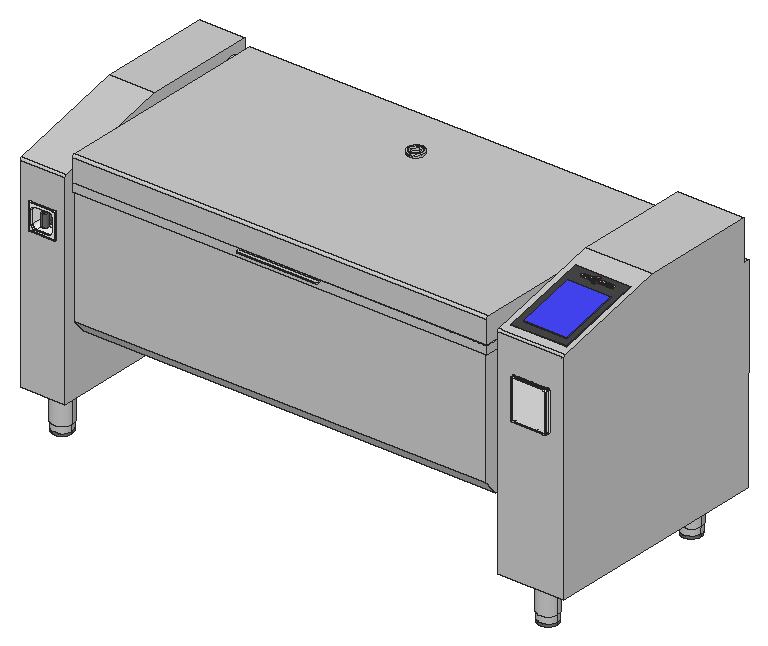
Revit family "QF_WELBILT-CONVOTHERM_FLEXX_PRO_251_260211052806", category Specialty Equipment, Revit 2021
Family settings
  Round Connector Dimension = Use Diameter
  Part Type = Normal
  OmniClass Number = 23.40.40.14
  OmniClass Title = Food Service Equipment
  Work Plane-Based = No
  Always vertical = Yes
  Cut with Voids When Loaded = No
  Shared = No
  Room Calculation Point = No
Parameters (values of type "JI-MKH-013")
  Weight [instance] = 495.00 kg
  Waste Water Discharge Temperature [instance] = 0 °C
  Waste Remarks [instance] = ""
  Warranty Start Date [instance] = ""
  Warranty Duration [instance] = ""
  Volts [instance] = 400 V
  Volt Free Conn [instance] = no
  URL Recommended Spares List [instance] = ""
  URL Manufacturer [instance] = ""
  URL Cutsheet [instance] = ""
  URL Critical Spares List [instance] = ""
  URL = "www.convotherm.com"
  Technical Documentation [instance] = ""
  Tag Number [instance] = ""
  Status [instance] = ""
  Start Up Current [instance] = 0 A
  Specification by User [instance] = ""
  Specification by Manufacturer [instance] = ""
  Sound Level [instance] = ""
  Show Logo [instance] = yes
  Show Clearances [instance] = yes
  Service Life Duration [instance] = ""
  Serial Number [instance] = ""
  Seismic Rating [instance] = ""
  SMACNA No [instance] = ""
  Revision Code [instance] = ""
  Revision [instance] = ""
  Production Year [instance] = ""
  Potential Equalisation [instance] = no
  Point Load [instance] = 0
  Plumbing Remarks [instance] = ""
  Plumbing Connection Type [instance] = ""
  Phase [instance] = 3
  Other Equipment Approvals [instance] = ""
  Operational Current [instance] = 0 A
  Odor Trap Included [instance] = no
  Number of Poles [instance] = 3
  No Load Power Draw [instance] = no
  National Water Regulation Certification [instance] = no
  NAFEM Spec ID Number [instance] = ""
  Model Warning [instance] = ""
  Model = "FLEXX PRO 251"
  Min Ckt Ampacity [instance] = 0 A
  Max Overcurrent Protection [instance] = 63 A
  Masterspec [instance] = ""
  Manufacturer = "WELBILT-CONVOTHERM"
  Main switch integrated [instance] = no
  Length Actual [instance] = 2009 mm
  Item Number [instance] = ""
  Installed By [instance] = ""
  Installation Date [instance] = ""
  Indirect Waste Size [instance] = 50.8 mm
  Indirect Waste Remarks [instance] = ""
  Indirect Waste Flow [instance] = 0.0 L/s
  Indirect Waste Connection Type [instance] = ""
  Indirect Waste Connection Height [instance] = 0 mm
  Identify Quantity as Lot [instance] = no
  ID [instance] = ""
  Hygiene Approval [instance] = ""
  Height Actual [instance] = 1050 mm
  HP power [instance] = ""
  Furnished By [instance] = ""
  Foodservice Equipment Identifier [instance] = no
  FL Amps [instance] = 60 A
  Electrical Remarks [instance] = "Plug not included"
  Electric power [instance] = 49200 W
  Electric Connection Type [instance] = "Cord&Plug"
  Elec Conn RI Height [instance] = 0 mm
  Elec Conn Connection Height [instance] = 0 mm
  ETL Approved [instance] = no
  Direct Waste Water Discharge Temperature [instance] = -273.15 °C
  Direct Waste Size [instance] = 50.8 mm
  Direct Waste RI Height [instance] = 0 mm
  Direct Waste Flow [instance] = 0.0 L/s
  Direct Waste Connection Height [instance] = 0 mm
  Description = "MULTIFUNCTION COOKING DEVICE 4XGN 1/1 250LT MAX"
  Depth Actual [instance] = 850 mm
  Default Elevation = 0 mm
  Cycle [instance] = 50 Hz
  Cost = 0
  Connection to energy optimisation system [instance] = yes
  Conn Plug [instance] = ""
  Conn Conduit [instance] = no
  Cold Water Temperature Recommended [instance] = 0 °C
  Cold Water Size [instance] = 19.05 mm
  Cold Water Remarks [instance] = ""
  Cold Water RI Height [instance] = 0 mm
  Cold Water Quality [instance] = ""
  Cold Water Minimum Pressure [instance] = 200000.0 Pa
  Cold Water Maximum Pressure [instance] = 600000.0 Pa
  Cold Water Flow [instance] = 0.0 L/s
  Cold Water Connection Type [instance] = ""
  Cold Water Connection Height [instance] = 0 mm
  Centralized building control system with digital interface [instance] = ""
  CSI MasterFormat [instance] = ""
  CE Approved [instance] = no
  Barcode [instance] = 0
  Author [instance] = ""
  Asset Identifier [instance] = ""
  Apparent Power [instance] = 49200 VA
  Accessory [instance] = no
Reference planes
  plane 1 "Center (Front/Back)": y = 0
  plane 2: z = 0
  plane 3 "Center (Left/Right)": x = 0
Forms (mm)
  Extrusion 1, solid, not visible
    sketch origin (1909.093, -100.005, 252.012) x (1, 0, 0) y (0, 1, 0)
      loop
        line (-2, 2) -> (-2, -2) -> (2, -2) -> (2, 2) -> (-2, 2)
    from -2 to 2
  Extrusion 2, solid, not visible
    sketch origin (1202.059, -500.024, 391.019) x (1, 0, 0) y (0, 1, 0)
      loop
        line (-2, 2) -> (-2, -2) -> (2, -2) -> (2, 2) -> (-2, 2)
    from -2 to 2
  Extrusion 3, solid, not visible
    sketch origin (160.008, -100.005, 170.008) x (1, 0, 0) y (0, 1, 0)
      loop
        line (-2, 2) -> (-2, -2) -> (2, -2) -> (2, 2) -> (-2, 2)
    from -2 to 2
Dimensions and locks
  locked: nested 2 to Extrusion 1 at 2  (x2)
  locked: nested 3 to Extrusion 2 at 2  (x2)
  locked: nested 4 to Extrusion 3 at 2
  locked: nested 4 to Extrusion 3
  aligned and locked: level to plane 2
Nested families
  nested 1: "QF_WELBILT-CONVOTHERM_JI-MKH-013_2920" at (0, 0, 150), type "JI-MKH-013"
    with Weight 495.00 kg, Warranty Start Date "", Warranty Duration "", URL Cutsheet "", Technical Documentation "", Tag Number "", Status "", Specification by User "", Specification by Manufacturer "", Sound Level "", Solid Fuel Type "", Show Logo yes, Show Clearances yes, Service Life Duration "", Serial Number "", Seismic Rating "", SMACNA No "", Revision Code "", Revision "", Production Year "", Point Load 0, Other Equipment Approvals "", NAFEM Spec ID Number "", Model Warning "", Masterspec "", Length Actual 2009 mm, Item Number "", Installed By "", Installation Date "", Identify Quantity as Lot yes, ID "", Hygiene Approval "", Height Actual 1050 mm, Furnished By "", Foodservice Equipment Identifier yes, ETL Approved yes, Depth Actual 850 mm, CSI MasterFormat "", CE Approved yes, Barcode "", Asset Identifier "", Accessory no
  nested 2: "CONN_POINT_COLDWATER_2D___Generic_Annotation" at (1909.093, -100.005, 250.012), type "CONN_POINT_COLDWATER_2D___Generic_Annotation"
    with Onboard connection annotation symbol visibility yes
  nested 3: "CONN_POINT_DRAIN_2D___Generic_Annotation" at (1202.059, -500.024, 389.019), type "CONN_POINT_DRAIN_2D___Generic_Annotation"
    with Onboard connection annotation symbol visibility yes
  nested 4: "CONN_POINT_ELE_2D___Generic_Annotation" at (162.008, -100.005, 170.008), type "CONN_POINT_ELE_2D___Generic_Annotation"
    with Onboard connection annotation symbol visibility yes
  nested 5: "QF_WELBILT-CONVOTHERM_FLEXX-PRO-FEETS" at (0, 0, 0), type "K6257507"
    with Weight 0.00 kg, Warranty Start Date "", Warranty Duration "", URL Cutsheet "", Technical Documentation "", Tag Number "", Status "", Specification by User "", Specification by Manufacturer "", Sound Level "", Solid Fuel Type "", Show Logo yes, Show Clearances yes, Service Life Duration "", Serial Number "", Seismic Rating "", SMACNA No "", Revision Code "", Revision "", Production Year "", Point Load 0, Other Equipment Approvals "", NAFEM Spec ID Number "", Model Warning "", Masterspec "", Length Actual 2009 mm, Item Number "", Installed By "", Installation Date "", Identify Quantity as Lot yes, ID "", Hygiene Approval "", Height Actual 150 mm, Furnished By "", Foodservice Equipment Identifier yes, ETL Approved yes, Depth Actual 850 mm, CSI MasterFormat "", CE Approved yes, Barcode "", Asset Identifier "", Accessory yes
Connectors
  piping at (1909.093, -100.005, 250.012), diameter 19.05, driven by "Cold Water Size", driven by "Cold Water Flow"
    settings: on Extrusion 1, index 1, connector inside diameter 609.6 mm, connector length 0 mm, flow factor 0, pipe flow 0.0 L/s, pressure drop 0.0 Pa, fitting loss kfactor 0, connector angle 0.00°, fixture units 0, engagement length 0 mm, angle of deflection 0.00°, flow configuration 1, flow direction 1, fitting loss method 0, system type 20, joint type 0, gender type 0, connector reference index -1, connector utility 0, adjustable connector no, is connector primary yes, connector description "Cold Water connection for FLEXX PRO 251"
  piping at (1202.059, -500.024, 389.019), diameter 50.8, driven by "Indirect Waste Size", driven by "Direct Waste Flow"
    settings: on Extrusion 2, index 2, connector inside diameter 609.6 mm, connector length 0 mm, flow factor 0, pipe flow 0.0 L/s, pressure drop 0.0 Pa, fitting loss kfactor 0, connector angle 0.00°, fixture units 0, engagement length 0 mm, angle of deflection 0.00°, flow configuration 1, flow direction 2, fitting loss method 0, system type 16, joint type 0, gender type 0, connector reference index -1, connector utility 0, adjustable connector no, is connector primary no, connector description "Waste connection for FLEXX PRO 251"
  electrical at (162.008, -100.005, 170.008), driven by "Apparent Power", driven by "Number of Poles", driven by "Volts"
    settings: on Extrusion 3, index 3, voltage 400 V, apparent load 0 VA, apparent load phase1 49200 VA, apparent load phase2 0 VA, apparent load phase3 0 VA, power factor 1, load classification "Other", number of poles 3, system type 31, power factor state 1, is connector primary yes, connector utility no, sub classification motor no, connector description "Electrical connection for FLEXX PRO 251"
Definition of nested family "QF_WELBILT-CONVOTHERM_JI-MKH-013_2920"
  Parameters (values of type "JI-MKH-013")
    Weight [instance] = 0.00 kg
    Warranty Start Date [instance] = ""
    Warranty Duration [instance] = ""
    URL Cutsheet [instance] = ""
    URL = "www.convotherm.com"
    Technical Documentation [instance] = ""
    Tag Number [instance] = ""
    Status [instance] = ""
    Specification by User [instance] = ""
    Specification by Manufacturer [instance] = ""
    Sound Level [instance] = ""
    Solid Fuel Type [instance] = ""
    Show Logo [instance] = yes
    Show Clearances [instance] = yes
    Service Life Duration [instance] = ""
    Serial Number [instance] = ""
    Seismic Rating [instance] = ""
    SMACNA No [instance] = ""
    Revision Code [instance] = ""
    Revision [instance] = ""
    Production Year [instance] = ""
    Point Load [instance] = 0
    Other Equipment Approvals [instance] = ""
    NAFEM Spec ID Number [instance] = ""
    Model Warning [instance] = ""
    Model = "FLEXX PRO 251"
    Masterspec [instance] = ""
    Manufacturer = "WELBILT-CONVOTHERM"
    Length Actual [instance] = 0 mm
    Item Number [instance] = ""
    Installed By [instance] = ""
    Installation Date [instance] = ""
    Identify Quantity as Lot [instance] = yes
    ID [instance] = ""
    Hygiene Approval [instance] = ""
    Height Actual [instance] = 0 mm
    Furnished By [instance] = ""
    Foodservice Equipment Identifier [instance] = yes
    ETL Approved [instance] = yes
    Description = "MULTIFUNCTION COOKING DEVICE 4XGN 1/1 250LT MAX"
    Depth Actual [instance] = 0 mm
    Default Elevation = 0 mm
    CSI MasterFormat [instance] = ""
    CE Approved [instance] = yes
    Barcode [instance] = ""
    Author = "SPECIFI"
    Asset Identifier [instance] = ""
    Assembly Code = "E1090320"
    Accessory [instance] = yes
  Reference planes
    plane 1 "Back": y = 0
    plane 2: z = 0
    plane 3 "Left": x = 0
    plane 4 "Right": x = 2009
    plane 5 "Front": y = -850
    plane 6 "Top": z = 900
  Forms (mm)
    Extrusion 1, solid
      sketch origin (0, 0, -150) x (0, 1, 0) y (0, 0, 1)
        loop
          line (0, 150) -> (0, 902) -> (-20, 902) -> (-20, 1000) -> (-435, 1000) -> (-842.983, 907.833)
          arc (-842.983, 907.833) -> (-848.03, 904.673) -> (-850, 899.054) r 9
          line (-850, 899.054) -> (-850, 150) -> (0, 150)
      from 0 to 166
    Extrusion 2, solid
      sketch origin (2009, 10, -150) x (0, -1, 0) y (0, 0, 1)
        loop
          line (10, 150) -> (860, 150) -> (860, 950.639)
          arc (860, 950.639) -> (858.03, 956.258) -> (852.983, 959.418) r 9
          line (852.983, 959.418) -> (452.017, 1050) -> (30, 1050) -> (30, 902) -> (10, 902) -> (10, 150)
      from 0 to 246
    Extrusion 3, solid
      sketch origin (0, 0, -150) x (0, 1, 0) y (0, 0, 1)
        loop
          line (-250.8, 389.3) -> (-131.5, 508.6) -> (-131.5, 868.5) -> (-855.5, 868.5) -> (-855.5, 439.65) -> (-810.5, 389.3) -> (-250.8, 389.3)
      from 204 to 1725
    Extrusion 4, solid
      sketch origin (0, 0, -150) x (0, 1, 0) y (0, 0, 1)
        loop
          line (-859, 898.5) -> (-859, 868.5) -> (-128, 868.5) -> (-128, 898.5) -> (-859, 898.5)
      from 200 to 1729
    Extrusion 5, solid
      sketch origin (0, 0, -189) x (0, 1, 0) y (0, 0, 1)
        loop
          circle (-755, 536) r 30
      from 170 to 200
    Extrusion 6, solid
      sketch origin (0, 0, -189) x (0, 1, 0) y (0, 0, 1)
        loop
          circle (-755, 536) r 40
      from 166 to 170
    Extrusion 7, solid
      sketch origin (0, 0, -189) x (0, 1, 0) y (0, 0, 1)
        loop
          circle (-755, 536) r 40
      from 200 to 204
    Extrusion 8, solid
      sketch origin (1930, 0, -189) x (0, 1, 0) y (0, 0, -1)
        loop
          circle (-755, -536) r 30
      from 171 to 201
    Extrusion 9, solid
      sketch origin (1929, 0, -189) x (0, 1, 0) y (0, 0, -1)
        loop
          circle (-755, -536) r 40
      from 166 to 170
    Extrusion 10, solid
      sketch origin (0, -0.3, -150) x (0, 1, 0) y (0, 0, 1)
        loop
          line (-40.7, 914) -> (-40.7, 991) -> (-849.7, 991)
          arc (-849.7, 991) -> (-856.064, 988.364) -> (-858.7, 982) r 9
          line (-858.7, 982) -> (-858.7, 901) -> (-70.7, 901) -> (-40.7, 914)
      from 200 to 1729
    Extrusion 11, solid
      sketch origin (0, 0, -150) x (0, 1, 0) y (0, 0, 1)
        loop
          circle (-85, 946) r 25
      from 166 to 200
    Extrusion 12, solid
      sketch origin (1929, 0, -150) x (0, 1, 0) y (0, 0, -1)
        loop
          circle (-85, -946) r 25
      from 166 to 200
    Extrusion 13, solid
      sketch origin (358, 0, -150) x (1, 0, 0) y (0, 1, 0)
        loop
          arc (456.7, -869) -> (458.164, -872.536) -> (461.7, -874) r 5
          line (461.7, -874) -> (751.7, -874)
          arc (751.7, -874) -> (755.236, -872.536) -> (756.7, -869) r 5
          line (756.7, -869) -> (756.7, -859) -> (456.7, -859) -> (456.7, -869)
      from 892.5 to 895.5
    Extrusion 14, solid
      sketch origin (0, 0, -150) x (0, 1, 0) y (0, 0, 1)
        loop
          line (-232, 150) -> (0, 150) -> (0, 902) -> (-33, 902) -> (-46.715, 831.44) -> (-101, 792) -> (-101, 442) -> (-232, 403.097) -> (-232, 150)
      from 166 to 1763
    Sweep 15, solid
      path origin (716, -850, -150) x (-1, 0, 0) y (0, 0, 1)
        loop
          line (-1108.5, 825.639) -> (-1231.5, 825.639)
          arc (-1231.5, 825.639) -> (-1231.854, 825.492) -> (-1232, 825.139) r 0.5
          line (-1232, 825.139) -> (-1232, 684.139)
          arc (-1232, 684.139) -> (-1231.854, 683.785) -> (-1231.5, 683.639) r 0.5
          line (-1231.5, 683.639) -> (-1108.5, 683.639)
          arc (-1108.5, 683.639) -> (-1108.146, 683.785) -> (-1108, 684.139) r 0.5
          line (-1108, 684.139) -> (-1108, 825.139)
          arc (-1108, 825.139) -> (-1108.146, 825.492) -> (-1108.5, 825.639) r 0.5
      profile origin (1886, -850, 675.639) x (0, 0, -1) y (0, 1, 0)
        loop
          line (0, -13) -> (0, 0) -> (-6, 0)
          arc (-6, 0) -> (-3.879, -0.879) -> (-3, -3) r 3
          line (-3, -3) -> (-3, -10)
          arc (-3, -10) -> (-2.121, -12.121) -> (0, -13) r 3
    Extrusion 16, solid
      sketch origin (716, -850, -150) x (-1, 0, 0) y (0, 0, 1)
        loop
          arc (-1231.5, 825.639) -> (-1231.854, 825.492) -> (-1232, 825.139) r 0.5
          line (-1232, 825.139) -> (-1232, 684.139)
          arc (-1232, 684.139) -> (-1231.854, 683.785) -> (-1231.5, 683.639) r 0.5
          line (-1231.5, 683.639) -> (-1108.5, 683.639)
          arc (-1108.5, 683.639) -> (-1108.146, 683.785) -> (-1108, 684.139) r 0.5
          line (-1108, 684.139) -> (-1108, 825.139)
          arc (-1108, 825.139) -> (-1108.146, 825.492) -> (-1108.5, 825.639) r 0.5
          line (-1108.5, 825.639) -> (-1231.5, 825.639)
      from 0 to -13
    Revolve 17, solid
      sketch origin (964.5, 0, -150) x (0, 1, 0) y (0, 0, 1)
        loop
          line (-211.7, 991) -> (-199.2, 991) -> (-199.2, 998)
          arc (-199.2, 998) -> (-200.079, 1000.121) -> (-202.2, 1001) r 3
          line (-202.2, 1001) -> (-208.7, 1001)
          arc (-208.7, 1001) -> (-210.821, 1000.121) -> (-211.7, 998) r 3
          line (-211.7, 998) -> (-211.7, 991)
        axis (-229.2, 991) -> (-229.2, 1001)
      angle from 0 to 360
    Extrusion 18, solid, visible <- "Show Clearances", detail levels coarse
      sketch origin (0, 0, -150) x (0, 1, 0) y (0, 0, 1)
        loop
          line (-41, 991) -> (-41, 1707)
          arc (-41, 1707) -> (-587.269, 1505.824) -> (-859, 991) r 813
          line (-859, 991) -> (-41, 991)
      from 200 to 1729
    Sweep 19, solid
      path origin (0, -850, -150) x (-1, 0, 0) y (0, 0, 1)
        loop
          arc (-129.2, 776.554) -> (-129.554, 776.407) -> (-129.7, 776.054) r 0.5
          line (-129.7, 776.054) -> (-129.7, 684.054)
          arc (-129.7, 684.054) -> (-129.554, 683.7) -> (-129.2, 683.554) r 0.5
          line (-129.2, 683.554) -> (-37.2, 683.554)
          arc (-37.2, 683.554) -> (-36.846, 683.7) -> (-36.7, 684.054) r 0.5
          line (-36.7, 684.054) -> (-36.7, 776.054)
          arc (-36.7, 776.054) -> (-36.846, 776.407) -> (-37.2, 776.554) r 0.5
          line (-37.2, 776.554) -> (-129.2, 776.554)
      profile origin (83.2, -850, 626.554) x (0, 0, 1) y (0, 1, 0)
        loop
          line (0, 0) -> (0, -5)
          arc (0, -5) -> (2.121, -4.121) -> (3, -2) r 3
          line (3, -2) -> (3, 0) -> (0, 0)
    Extrusion 20, solid
      sketch origin (0, -850, -150) x (-1, 0, 0) y (0, 0, 1)
        loop
          arc (-107.7, 769.21) -> (-118.064, 764.918) -> (-122.357, 754.554) r 14.657
          line (-122.357, 754.554) -> (-122.357, 705.554)
          arc (-122.357, 705.554) -> (-118.064, 695.19) -> (-107.7, 690.897) r 14.657
          line (-107.7, 690.897) -> (-58.7, 690.897)
          arc (-58.7, 690.897) -> (-48.336, 695.19) -> (-44.043, 705.554) r 14.657
          line (-44.043, 705.554) -> (-44.043, 754.554)
          arc (-44.043, 754.554) -> (-48.336, 764.918) -> (-58.7, 769.21) r 14.657
          line (-58.7, 769.21) -> (-107.7, 769.21)
        loop
          line (-37.2, 776.554) -> (-129.2, 776.554)
          arc (-129.2, 776.554) -> (-129.554, 776.407) -> (-129.7, 776.054) r 0.5
          line (-129.7, 776.054) -> (-129.7, 684.054)
          arc (-129.7, 684.054) -> (-129.554, 683.7) -> (-129.2, 683.554) r 0.5
          line (-129.2, 683.554) -> (-37.2, 683.554)
          arc (-37.2, 683.554) -> (-36.846, 683.7) -> (-36.7, 684.054) r 0.5
          line (-36.7, 684.054) -> (-36.7, 776.054)
          arc (-36.7, 776.054) -> (-36.846, 776.407) -> (-37.2, 776.554) r 0.5
      from 0 to -5
    Extrusion 21, solid
      sketch origin (0, -850, -150) x (-1, 0, 0) y (0, 0, 1)
        loop
          line (-58.7, 772.185) -> (-107.7, 772.185)
          arc (-107.7, 772.185) -> (-120.167, 767.021) -> (-125.331, 754.554) r 17.631
          line (-125.331, 754.554) -> (-125.331, 705.554)
          arc (-125.331, 705.554) -> (-120.167, 693.087) -> (-107.7, 687.923) r 17.631
          line (-107.7, 687.923) -> (-58.7, 687.923)
          arc (-58.7, 687.923) -> (-46.233, 693.087) -> (-41.069, 705.554) r 17.631
          line (-41.069, 705.554) -> (-41.069, 754.554)
          arc (-41.069, 754.554) -> (-46.233, 767.021) -> (-58.7, 772.185) r 17.631
        loop
          arc (-107.7, 769.21) -> (-118.064, 764.918) -> (-122.357, 754.554) r 14.657
          line (-122.357, 754.554) -> (-122.357, 705.554)
          arc (-122.357, 705.554) -> (-118.064, 695.19) -> (-107.7, 690.897) r 14.657
          line (-107.7, 690.897) -> (-58.7, 690.897)
          arc (-58.7, 690.897) -> (-48.336, 695.19) -> (-44.043, 705.554) r 14.657
          line (-44.043, 705.554) -> (-44.043, 754.554)
          arc (-44.043, 754.554) -> (-48.336, 764.918) -> (-58.7, 769.21) r 14.657
          line (-58.7, 769.21) -> (-107.7, 769.21)
      from 0 to 43
    Extrusion 22, void
      sketch origin (0, -850, -150) x (-1, 0, 0) y (0, 0, 1)
        loop
          line (-58.7, 772.185) -> (-107.7, 772.185)
          arc (-107.7, 772.185) -> (-120.167, 767.021) -> (-125.331, 754.554) r 17.631
          line (-125.331, 754.554) -> (-125.331, 705.554)
          arc (-125.331, 705.554) -> (-120.167, 693.087) -> (-107.7, 687.923) r 17.631
          line (-107.7, 687.923) -> (-58.7, 687.923)
          arc (-58.7, 687.923) -> (-46.233, 693.087) -> (-41.069, 705.554) r 17.631
          line (-41.069, 705.554) -> (-41.069, 754.554)
          arc (-41.069, 754.554) -> (-46.233, 767.021) -> (-58.7, 772.185) r 17.631
      from -5 to 43
    Extrusion 23, solid
      sketch origin (0, -850, -150) x (-1, 0, 0) y (0, 0, 1)
        loop
          arc (-107.7, 769.21) -> (-118.064, 764.918) -> (-122.357, 754.554) r 14.657
          line (-122.357, 754.554) -> (-122.357, 705.554)
          arc (-122.357, 705.554) -> (-118.064, 695.19) -> (-107.7, 690.897) r 14.657
          line (-107.7, 690.897) -> (-58.7, 690.897)
          arc (-58.7, 690.897) -> (-48.336, 695.19) -> (-44.043, 705.554) r 14.657
          line (-44.043, 705.554) -> (-44.043, 754.554)
          arc (-44.043, 754.554) -> (-48.336, 764.918) -> (-58.7, 769.21) r 14.657
          line (-58.7, 769.21) -> (-107.7, 769.21)
      from 40 to 43
    Revolve 24, solid
      sketch origin (83.2, 0, -150) x (0, 1, 0) y (0, 0, 1)
        loop
          line (-840, 753.054) -> (-847.5, 753.054) -> (-847.5, 750.054) -> (-851, 750.054) -> (-851, 708.054) -> (-848, 705.054) -> (-840, 705.054) -> (-840, 753.054)
        axis (-840, 753.054) -> (-840, 705.054)
      angle from 0 to 360
    Revolve 25, solid
      sketch origin (83.2, 0, -150) x (0, 1, 0) y (0, 0, 1)
        loop
          line (-810, 730.054) -> (-810, 757.554) -> (-812, 757.554) -> (-820.172, 754.085)
          arc (-820.172, 754.085) -> (-821.502, 752.979) -> (-822, 751.323) r 3
          line (-822, 751.323) -> (-822, 741.054) -> (-840, 741.054) -> (-840, 730.054) -> (-810, 730.054)
        axis (-810, 730.054) -> (-840, 730.054)
      angle from 0 to 360
    Extrusion 26, solid
      sketch origin (716, 1914.493, 1343.992) x (0, 0.975419, 0.220357) y (-1, 0, 0)
        loop
          line (-2472.158, -1067.5) -> (-2776.158, -1067.5) -> (-2776.158, -1272.5) -> (-2472.158, -1272.5) -> (-2472.158, -1067.5)
      from 85 to 87
    Extrusion 27, solid
      sketch origin (716, 1914.493, 1343.992) x (0, 0.975419, 0.220357) y (-1, 0, 0)
        loop
          line (-2537.158, -1090.5) -> (-2748.158, -1090.5) -> (-2748.158, -1249.5) -> (-2537.158, -1249.5) -> (-2537.158, -1090.5)
      from 85 to 88
    Extrusion 28, solid
      sketch origin (1929, 0, -189) x (0, 1, 0) y (0, 0, -1)
        loop
          circle (-755, -536) r 40
      from 200 to 204
    Extrusion 29, solid, visible <- "Show Clearances", detail levels coarse
      sketch origin (0, -257.5, 1102) x (0, 0, 1) y (0, -1, 0)
        loop
          line (-250.8, 389.3) -> (-131.5, 508.6) -> (-131.5, 868.5) -> (-855.5, 868.5) -> (-855.5, 439.65) -> (-810.5, 389.3) -> (-250.8, 389.3)
      from 204 to 1725
    Extrusion 30, solid, visible <- "Show Clearances", detail levels coarse
      sketch origin (0, -257.5, 1102) x (0, 0, 1) y (0, -1, 0)
        loop
          line (-859, 898.5) -> (-859, 868.5) -> (-128, 868.5) -> (-128, 898.5) -> (-859, 898.5)
      from 200 to 1729
    Extrusion 31, solid, visible <- "Show Logo"
      sketch origin (1393.704, -854.573, 193.005) x (1, 0, 0) y (0, 0.975419, 0.220357)
        loop
          line (493.556, 462.654) -> (493.556, 469.472)
          arc (493.556, 469.472) -> (472.307, 455.836) -> (493.556, 442.199) r 15
          line (493.556, 442.199) -> (493.556, 449.017)
          arc (493.556, 449.017) -> (480.852, 455.836) -> (493.556, 462.654) r 8.182
      from 598 to 600
    Extrusion 32, solid, visible <- "Show Logo"
      sketch origin (1346.83, -854.463, 192.517) x (1, 0, 0) y (0, 0.975419, 0.220357)
        loop
          line (486.789, 458.563) -> (486.789, 461.29)
          arc (486.789, 461.29) -> (478.289, 455.836) -> (486.789, 450.381) r 6
          line (486.789, 450.381) -> (486.789, 453.108)
          arc (486.789, 453.108) -> (481.707, 455.836) -> (486.789, 458.563) r 3.273
        loop
          circle (495.124, 455.836) r 6
        loop
          circle (495.124, 455.836) r 3.266
        loop
          line (503.766, 449.836) -> (506.45, 449.836) -> (506.45, 457.877) -> (510.841, 449.836) -> (515.031, 449.836) -> (515.031, 461.836) -> (512.331, 461.836) -> (512.331, 452.741) -> (507.365, 461.836) -> (503.766, 461.836) -> (503.766, 449.836)
        loop
          line (516.563, 461.836) -> (520.462, 449.836) -> (524.172, 449.836) -> (528.071, 461.836) -> (524.719, 461.836) -> (522.317, 453.459) -> (519.915, 461.836) -> (516.563, 461.836)
        loop
          circle (535.182, 455.836) r 6
        loop
          circle (535.182, 455.836) r 3.266
        loop
          line (575.346, 461.836) -> (575.346, 449.836) -> (578.16, 449.836) -> (578.16, 454.169) -> (579.27, 454.169) -> (581.772, 449.836) -> (585.216, 449.836) -> (581.898, 454.755)
          arc (581.898, 454.755) -> (582.887, 455.385) -> (583.517, 456.374) r 2.709
          arc (583.517, 456.374) -> (583.803, 457.995) -> (583.517, 459.615) r 4.738
          arc (583.517, 459.615) -> (582.282, 461.225) -> (580.346, 461.836) r 3.374
          line (580.346, 461.836) -> (575.346, 461.836)
        loop
          line (578.16, 456.542) -> (579.584, 456.542)
          arc (579.584, 456.542) -> (581.041, 457.999) -> (579.584, 459.457) r 1.457
          line (579.584, 459.457) -> (578.16, 459.457) -> (578.16, 456.542)
        loop
          line (542.187, 461.836) -> (542.187, 459.168) -> (545.068, 459.168) -> (545.068, 449.836) -> (548.304, 449.836) -> (548.304, 459.168) -> (551.185, 459.168) -> (551.185, 461.836) -> (542.187, 461.836)
        loop
          line (553.224, 461.836) -> (553.224, 449.836) -> (556.106, 449.836) -> (556.106, 454.836) -> (559.986, 454.836) -> (559.986, 449.836) -> (562.867, 449.836) -> (562.867, 461.836) -> (559.986, 461.836) -> (559.986, 457.148) -> (556.106, 457.148) -> (556.106, 461.836) -> (553.224, 461.836)
        loop
          line (565.879, 461.836) -> (565.879, 449.836) -> (572.903, 449.836) -> (572.903, 452.163) -> (568.881, 452.163) -> (568.881, 454.612) -> (572.641, 454.612) -> (572.641, 457.059) -> (568.881, 457.059) -> (568.881, 459.508) -> (572.903, 459.508) -> (572.903, 461.836) -> (565.879, 461.836)
        loop
          line (586.65, 461.836) -> (586.65, 449.836) -> (589.336, 449.836) -> (589.336, 458.187) -> (591.769, 449.836) -> (594.811, 449.836) -> (597.244, 458.187) -> (597.244, 449.836) -> (599.93, 449.836) -> (599.93, 461.836) -> (595.875, 461.836) -> (593.29, 452.962) -> (590.705, 461.836) -> (586.65, 461.836)
      from 599 to 601
  Cuts and joins
    Extrusion 22 cuts Extrusion 1
    joined: Extrusion 1, Extrusion 2, Extrusion 14
  Lines and regions (mm)
    symbolic lines
      curve 1: line (0, 0, 0) -> (0, -850, 0)
      curve 2: line (0, -850, 0) -> (166, -850, 0)
      curve 3: line (166, -850, 0) -> (166, 0, 0)
      curve 4: line (200, -41, 0) -> (1729, -41, 0)
      curve 5: line (200, -859, 0) -> (200, -41, 0)
      curve 6: line (1729, -859, 0) -> (200, -859, 0)
      curve 7: line (1729, -41, 0) -> (1729, -859, 0)
      curve 8: line (1763, -850, 0) -> (1763, 0, 0)
      curve 9: line (2009, -850, 0) -> (2009, 0, 0)
      curve 10: line (0, 0, 0) -> (2009, 0, 0)
      curve 11: line (166, -33, 0) -> (1763, -33, 0)
      curve 12: line (1114.7, -869, 0) -> (1114.7, -859, 0)
      curve 13: arc (1109.7, -874, 0) -> (1113.236, -872.536, 0) -> (1114.7, -869, 0) r 5
      curve 14: line (819.7, -874, 0) -> (1109.7, -874, 0)
      curve 15: arc (814.7, -869, 0) -> (816.164, -872.536, 0) -> (819.7, -874, 0) r 5
      curve 16: line (814.7, -859, 0) -> (814.7, -869, 0)
      curve 17: line (166, -715, 0) -> (170, -715, 0)
      curve 18: line (170, -715, 0) -> (170, -795, 0)
      curve 19: line (170, -795, 0) -> (166, -795, 0)
      curve 20: line (170, -725, 0) -> (200, -725, 0)
      curve 21: line (170, -785, 0) -> (200, -785, 0)
      curve 22: line (166, -110, 0) -> (200, -110, 0)
      curve 23: line (166, -60, 0) -> (200, -60, 0)
      curve 24: line (1763, -715, 0) -> (1759, -715, 0)
      curve 25: line (1759, -715, 0) -> (1759, -795, 0)
      curve 26: line (1759, -795, 0) -> (1763, -795, 0)
      curve 27: line (1759, -725, 0) -> (1729, -725, 0)
      curve 28: line (1759, -785, 0) -> (1729, -785, 0)
      curve 29: line (1763, -110, 0) -> (1729, -110, 0)
      curve 30: line (1763, -60, 0) -> (1729, -60, 0)
      curve 31: line (1763, -850, 0) -> (2009, -850, 0)
      curve 32: line (0, -435, 0) -> (166, -435, 0)
      curve 33: line (1763, -442.017, 0) -> (2009, -442.017, 0)
      curve 34: line (1763, -20, 0) -> (2009, -20, 0)
      curve 35: line (0, -20, 0) -> (166, -20, 0)
      curve 36: line (1783.5, -515.628, 0) -> (1988.5, -515.628, 0)
      curve 37: line (1783.5, -812.596, 0) -> (1783.5, -515.628, 0)
      curve 38: line (1988.5, -812.596, 0) -> (1783.5, -812.596, 0)
      curve 39: line (1988.5, -515.628, 0) -> (1988.5, -812.596, 0)
      curve 40: line (1806.5, -579.691, 0) -> (1965.5, -579.691, 0)
      curve 41: line (1806.5, -785.505, 0) -> (1806.5, -579.691, 0)
      curve 42: line (1965.5, -785.505, 0) -> (1806.5, -785.505, 0)
      curve 43: line (1965.5, -579.691, 0) -> (1965.5, -785.505, 0)
      curve 44: line (36.7, -855, 0) -> (129.7, -855, 0)
      curve 45: line (132.7, -850, 0) -> (132.7, -852, 0)
      curve 46: line (33.7, -850, 0) -> (33.7, -852, 0)
      curve 47: arc (33.7, -852, 0) -> (34.579, -854.121, 0) -> (36.7, -855, 0) r 3
      curve 48: arc (129.7, -855, 0) -> (131.821, -854.121, 0) -> (132.7, -852, 0) r 3
      curve 49: line (1824, -863, 0) -> (1948, -863, 0)
      curve 50: line (1821, -850, 0) -> (1821, -860, 0)
      curve 51: arc (1821, -860, 0) -> (1821.879, -862.121, 0) -> (1824, -863, 0) r 3
      curve 52: line (1951, -850, 0) -> (1951, -860, 0)
      curve 53: arc (1951, -860, 0) -> (1950.121, -862.121, 0) -> (1948, -863, 0) r 3
      curve 54: circle (964.5, -229.2, 0) r 17.5 normal (0, 0, 1)
      curve 55: circle (964.5, -229.2, 0) r 30 normal (0, 0, 1)
    symbolic lines, visible <- "Show Clearances"
      curve 56: line (200, -859, 0) -> (200, -1156, 0)
      curve 57: line (200, -1156, 0) -> (1729, -1156, 0)
      curve 58: line (1729, -1156, 0) -> (1729, -859, 0)
  Dimensions and locks
    plane 3 "Left" to plane 4 "Right" = 2009 mm
    plane 5 "Front" to plane 1 "Back" = 850 mm
    aligned and locked: level to plane 2
Definition of nested family "QF_WELBILT-CONVOTHERM_FLEXX-PRO-FEETS"
  Parameters (values of type "K6257507")
    Weight [instance] = 0.00 kg
    Warranty Start Date [instance] = ""
    Warranty Duration [instance] = ""
    URL Cutsheet [instance] = ""
    URL = "www.convotherm.com"
    Technical Documentation [instance] = ""
    Tag Number [instance] = ""
    Status [instance] = ""
    Specification by User [instance] = ""
    Specification by Manufacturer [instance] = ""
    Sound Level [instance] = ""
    Solid Fuel Type [instance] = ""
    Show Logo [instance] = yes
    Show Clearances [instance] = yes
    Service Life Duration [instance] = ""
    Serial Number [instance] = ""
    Seismic Rating [instance] = ""
    SMACNA No [instance] = ""
    Right offset = 127.5 mm
    Revision Code [instance] = ""
    Revision [instance] = ""
    Rear offset = 102.5 mm
    Production Year [instance] = ""
    Point Load [instance] = 0
    Other Equipment Approvals [instance] = ""
    NAFEM Spec ID Number [instance] = ""
    Model Warning [instance] = ""
    Model = "K6257507"
    Masterspec [instance] = ""
    Manufacturer = "WELBILT-CONVOTHERM"
    Length Actual [instance] = 2009 mm
    Left offset = 87.5 mm
    Item Number [instance] = ""
    Installed By [instance] = ""
    Installation Date [instance] = ""
    Identify Quantity as Lot [instance] = yes
    ID [instance] = ""
    Hygiene Approval [instance] = ""
    Height Actual [instance] = 150 mm
    Furnished By [instance] = ""
    Front offset = 84.5 mm
    Foodservice Equipment Identifier [instance] = yes
    ETL Approved [instance] = yes
    Description = "4 FEETS H=150 MM"
    Depth Actual [instance] = 850 mm
    Default Elevation = 0 mm
    CSI MasterFormat [instance] = ""
    CE Approved [instance] = yes
    Barcode [instance] = ""
    Author = "SPECIFI"
    Asset Identifier [instance] = ""
    Assembly Code = "E1090320"
    Accessory [instance] = yes
  Types (5, lengths in mm): name | Model | Length Actual
    K6257504 | "K6257504" | 1651
    K6257501 | "K6257501" | 1293
    K6257503 | "K6257503" | 1580
    K6257506 | "K6257506" | 1756
    K6257507 | "K6257507" | 2009
  Reference planes
    plane 1 "Back": y = 0
    plane 2: z = 0
    plane 3 "Left": x = 0
    plane 4 "Right": x = 2009
    plane 5 "Front": y = -850
    plane 6 "Top": z = 150
    plane 7 "Left offset": x = 87.5
    plane 8 "Right offset": x = 1881.5
    plane 9 "Rear offset": y = -102.5
    plane 10 "Front offset": y = -765.5
  Dimensions and locks
    "Length Actual": plane 3 "Left" to plane 4 "Right"
    "Depth Actual": plane 5 "Front" to plane 1 "Back"
    "Left offset": plane 3 "Left" to plane 7 "Left offset"
    "Right offset": plane 8 "Right offset" to plane 4 "Right"
    "Rear offset": plane 9 "Rear offset" to plane 1 "Back"
    "Front offset": plane 10 "Front offset" to plane 5 "Front"
    "Height Actual": plane 6 "Top" to level
    plane 7 "Left offset" to plane 8 "Right offset" = 1794 mm
    aligned and locked: level to plane 2
    aligned and locked: nested 2 to plane 8 "Right offset"
    aligned and locked: nested 3 to plane 8 "Right offset"
    aligned and locked: nested 4 to plane 7 "Left offset"
    aligned and locked: nested 4 to plane 10 "Front offset"
    aligned and locked: nested 3 to plane 10 "Front offset"
    aligned and locked: nested 1 to plane 7 "Left offset"
    aligned and locked: nested 1 to plane 9 "Rear offset"
    aligned and locked: nested 2 to plane 9 "Rear offset"
  Nested families
    nested 1: "QF_WELBILT-CONVOTHERM_LEG" at (87.5, -102.5, 0), type "LEG"
    nested 2: "QF_WELBILT-CONVOTHERM_LEG" at (1881.5, -102.5, 0), type "LEG"
    nested 3: "QF_WELBILT-CONVOTHERM_LEG" at (1881.5, -765.5, 0), type "LEG"
    nested 4: "QF_WELBILT-CONVOTHERM_LEG" at (87.5, -765.5, 0), type "LEG"
  Definition of nested family "QF_WELBILT-CONVOTHERM_LEG"
    Parameters (values of type "LEG")
      Height = 150 mm
      Default Elevation = 0 mm
    Reference planes
      plane 1 "Center (Front/Back)": y = 0
      plane 2: z = 0
      plane 3 "Center (Left/Right)": x = 0
      plane 4 "Top": z = 150
    Forms (mm)
      Extrusion 1, solid
        sketch origin (0, 0, 150) x (0, 1, 0) y (-1, 0, 0)
          loop
            arc (52.5, 47.5) -> (51.036, 51.036) -> (47.5, 52.5) r 5
            line (47.5, 52.5) -> (-47.5, 52.5)
            arc (-47.5, 52.5) -> (-51.036, 51.036) -> (-52.5, 47.5) r 5
            line (-52.5, 47.5) -> (-52.5, -47.5)
            arc (-52.5, -47.5) -> (-51.036, -51.036) -> (-47.5, -52.5) r 5
            line (-47.5, -52.5) -> (47.5, -52.5)
            arc (47.5, -52.5) -> (51.036, -51.036) -> (52.5, -47.5) r 5
            line (52.5, -47.5) -> (52.5, 47.5)
        from 0 to -3
      Extrusion 2, solid
        sketch origin (-199.986, 580, 0) x (1, 0, 0) y (0, 1, 0)
          loop
            circle (199.986, -580) r 35
        from 9 to 35
      Extrusion 3, solid
        sketch origin (-199.986, 580, 0) x (1, 0, 0) y (0, 1, 0)
          loop
            circle (199.986, -580) r 35
        from 0 to 9
      Sweep 4, solid
        path origin (0, 0, 0) x (0, 1, 0) y (0, 0, 1)
          loop
            line (0, 147) -> (0, 35)
        profile origin (0, 0, 91) x (1, 0, 0) y (0, 1, 0)
          loop
            circle (0, 0) r 38
    Dimensions and locks
      "Height": plane 4 "Top" to plane 2
      aligned and locked: level to plane 2
    Automatic sketch dimensions
      plane 1 "Center (Front/Back)" to Extrusion 2 sketch curve = 0 mm
      Extrusion 2 sketch curve to plane 3 "Center (Left/Right)" = 0 mm
      plane 1 "Center (Front/Back)" to Extrusion 3 sketch curve = 0 mm
      Extrusion 3 sketch curve to plane 3 "Center (Left/Right)" = 0 mm
      Sweep 4 sketch curve to plane 1 "Center (Front/Back)" = 0 mm
      level to Sweep 4 sketch curve = 35 mm
      Sweep 4 sketch curve to plane 4 "Top" = 3 mm
      Sweep 4 sketch curve to plane 3 "Center (Left/Right)" = 0 mm
      profile plane to Sweep 4 sketch curve = 0 mm
      plane 1 "Center (Front/Back)" to Extrusion 1 sketch curve = 52.5 mm
      Extrusion 1 sketch curve to Extrusion 1 sketch curve = 5 mm  (x3)
      Extrusion 1 sketch curve to plane 1 "Center (Front/Back)" = 47.5 mm  (x2)
      plane 3 "Center (Left/Right)" to Extrusion 1 sketch curve = 52.5 mm
      Extrusion 1 sketch curve to plane 3 "Center (Left/Right)" = 47.5 mm
      radius of Extrusion 2 sketch curve = 35 mm
      radius of Extrusion 3 sketch curve = 35 mm
      radius of Sweep 4 sketch curve = 38 mm
Definition of nested family "CONN_POINT_COLDWATER_2D___Generic_Annotation"
  Parameters (values of type "CONN_POINT_COLDWATER_2D___Generic_Annotation")
    Onboard connection annotation symbol visibility [instance] = yes
  Reference planes
    plane 1: y = 0
    plane 2: x = 0
  Lines and regions (mm)
    detail lines, visible <- "Onboard connection annotation symbol visibility"
      curve 1: circle (0, 0, 0) r 0.5 normal (0, 0, 1)
      curve 2: line (-1, 0, 0) -> (1, 0, 0)
      curve 3: line (0, 1, 0) -> (0, -1, 0)
      curve 4: line (3.241, 1, 0) -> (3.717, -1, 0)
      curve 5: line (3.717, -1, 0) -> (4.193, 1, 0)
      curve 6: line (4.193, 1, 0) -> (4.669, -1, 0)
      curve 7: line (4.669, -1, 0) -> (5.145, 1, 0)
      curve 8: arc (2.67, 0.524, 0) -> (2.004, 1, 0) -> (1.337, 0.524, 0) r 0.704
      curve 9: arc (1.337, -0.524, 0) -> (2.004, -1, 0) -> (2.67, -0.524, 0) r 0.704
      curve 10: arc (1.337, 0.524, 0) -> (1.25, 0, 0) -> (1.337, -0.524, 0) r 1.616
Definition of nested family "CONN_POINT_DRAIN_2D___Generic_Annotation"
  Parameters (values of type "CONN_POINT_DRAIN_2D___Generic_Annotation")
    Onboard connection annotation symbol visibility [instance] = yes
  Reference planes
    plane 1: y = 0
    plane 2: x = 0
  Lines and regions (mm)
    detail lines, visible <- "Onboard connection annotation symbol visibility"
      curve 1: circle (0, 0, 0) r 0.5 normal (0, 0, 1)
      curve 2: line (-1, 0, 0) -> (1, 0, 0)
      curve 3: line (0, 1, 0) -> (0, -1, 0)
      curve 4: line (1.776, 1, 0) -> (1.25, 1, 0)
      curve 5: line (1.25, 1, 0) -> (1.25, -1, 0)
      curve 6: line (1.25, -1, 0) -> (1.776, -1, 0)
      curve 7: arc (2.206, -0.862, 0) -> (2.459, -0.589, 0) -> (2.583, -0.238, 0) r 0.918
      curve 8: arc (2.583, 0.238, 0) -> (2.459, 0.589, 0) -> (2.206, 0.862, 0) r 0.918
      curve 9: arc (2.583, -0.238, 0) -> (2.599, 0, 0) -> (2.583, 0.238, 0) r 1.77
      curve 10: arc (2.206, 0.862, 0) -> (2.002, 0.965, 0) -> (1.776, 1, 0) r 0.741
      curve 11: arc (1.776, -1, 0) -> (2.002, -0.965, 0) -> (2.206, -0.862, 0) r 0.741
Definition of nested family "CONN_POINT_ELE_2D___Generic_Annotation"
  Parameters (values of type "CONN_POINT_ELE_2D___Generic_Annotation")
    Onboard connection annotation symbol visibility [instance] = yes
  Reference planes
    plane 1: y = 0
    plane 2: x = 0
  Lines and regions (mm)
    detail lines, visible <- "Onboard connection annotation symbol visibility"
      curve 1: circle (0, 0, 0) r 0.5 normal (0, 0, 1)
      curve 2: line (-1, 0, 0) -> (1, 0, 0)
      curve 3: line (0, 1, 0) -> (0, -1, 0)
      curve 4: line (2.5, 1, 0) -> (1.25, 1, 0)
      curve 5: line (1.25, 1, 0) -> (1.25, -1, 0)
      curve 6: line (1.25, -1, 0) -> (2.5, -1, 0)
      curve 7: line (1.25, 0, 0) -> (2, 0, 0)
